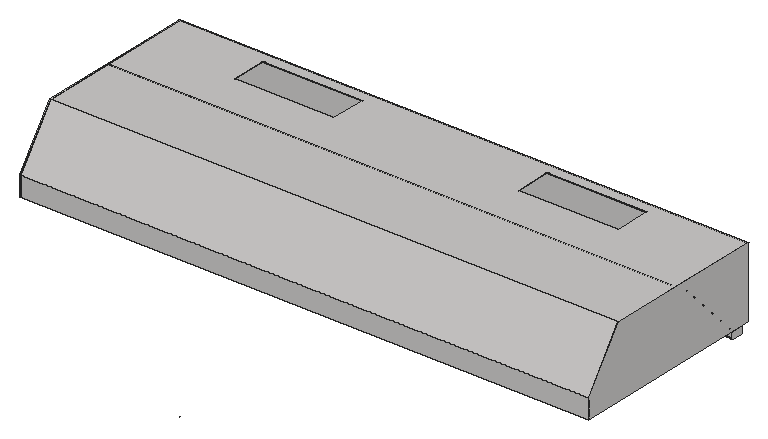
Revit family "QF_ELECTROLUXPROFESSIONAL_642164_BP1440BT", category Specialty Equipment, Revit 2014
Reference planes
  plane 1: z = 0
  plane 2 "Center (Left/Right)": x = 150
  plane 3 "LEFT": x = -1850
  plane 4 "RIGHT": x = 2150
  plane 5 "BACK": y = 550
  plane 6 "TOP": z = 2500
  plane 7 "Base": z = 2000
  plane 8: z = 1926
  plane 9 "DrainY": y = 485
  plane 10: x = -1847
  plane 11: through (0, 414.509, 2000.8) normal (0, 0.7314, 0.682)
  plane 12: y = 470
  plane 13: y = 220
  plane 14 "DrainX": x = 2032
  plane 15: x = -500
  plane 16: x = 800
  plane 17: x = -1200
  plane 18: x = 1500
  plane 19: x = 2147
  plane 20: x = 1942
  plane 21: x = 2122
  plane 22: x = -1810
  plane 23: x = -410
  plane 24: x = -10
  plane 25: x = 2110
  plane 26: x = 710
  plane 27: x = 310
  plane 28: z = 2140
  plane 29: y = -590
  plane 30 "Center (Front/Back)": y = -150
  plane 31 "Front": y = -850
Forms (mm)
  Extrusion 1, solid, material "QF_Finishes_Stainless Steel"
    sketch origin (-1850, 0, 360) x (0, 1, 0) y (0, 0, 1)
      loop
        line (550, 1640) -> (550, 2140) -> (-590, 2140) -> (-850, 1780) -> (-850, 1640) -> (550, 1640)
    from 0 to 3
  Extrusion 2, solid, material "QF_Finishes_Stainless Steel"
    sketch origin (150, 0, 360) x (0, 1, 0) y (0, 0, 1)
      loop
        line (415.255, 1640) -> (550, 1640) -> (550, 2139.19) -> (549.2, 2139.19) -> (549.2, 1640.8) -> (415.876, 1640.8) -> (339.347, 1722.867) -> (349.609, 1732.436) -> (348.927, 1733.167) -> (337.934, 1722.917) -> (415.255, 1640)
      loop
        line (-82.203, 2139.19) -> (-82.203, 2118.6) -> (-31.047, 2118.6) -> (34.354, 2048.466) -> (46.028, 2059.352) -> (45.346, 2060.083) -> (34.403, 2049.879) -> (-30.612, 2119.6) -> (-81.203, 2119.6) -> (-81.203, 2139.19) -> (-82.203, 2139.19)
    from -1997 to 1997
  Extrusion 3, solid, material "QF_Finishes_Stainless Steel"
    sketch origin (2150, 0, 360) x (0, 1, 0) y (0, 0, 1)
      loop
        line (550, 1640) -> (550, 2140) -> (-590, 2140) -> (-850, 1780) -> (-850, 1640) -> (550, 1640)
    from 0 to -3
  Extrusion 4, solid, material "QF_Finishes_Stainless Steel"
    sketch origin (150, 0, 360) x (0, 1, 0) y (0, 0, 1)
      loop
        line (550, 2139.19) -> (550, 2140) -> (-590, 2140) -> (-850, 1780) -> (-850, 1640) -> (-849.2, 1640) -> (-849.2, 1779.741) -> (-589.598, 2139.19) -> (550, 2139.19)
    from -2000 to 2000
  Extrusion 5, solid, material "QF_Finishes_Stainless Steel"
    sketch origin (150, 0, 360) x (0, 1, 0) y (0, 0, 1)
      loop
        line (534, 1640) -> (436, 1640) -> (436, 1627) -> (443.5, 1627) -> (443.5, 1576)
        arc (443.5, 1576) -> (446.429, 1568.929) -> (453.5, 1566) r 10
        line (453.5, 1566) -> (516.5, 1566)
        arc (516.5, 1566) -> (523.571, 1568.929) -> (526.5, 1576) r 10
        line (526.5, 1576) -> (526.5, 1627) -> (534, 1627) -> (534, 1640)
    from 1792 to 1972
  Extrusion 6, solid, material "QF_Finishes_Stainless Steel"
    sketch origin (0, 0, 2000) x (0, 1, 0) y (-1, 0, 0)
      loop
        circle (485, -2032) r 20
    from -76 to -74
  Extrusion 7, solid, material "QF_Finished_Chrome"
    sketch origin (150, 0, 360) x (0, 1, 0) y (0, 0, 1)
      loop
        line (337.934, 1722.917) -> (341.591, 1726.327) -> (38.011, 2051.876) -> (34.354, 2048.466) -> (337.934, 1722.917)
    from -560 to -1960
  Extrusion 8, solid, material "QF_Finished_Chrome"
    sketch origin (150, 0, 360) x (0, 1, 0) y (0, 0, 1)
      loop
        line (337.934, 1722.917) -> (341.591, 1726.327) -> (38.011, 2051.876) -> (34.354, 2048.466) -> (337.934, 1722.917)
    from 160 to -160
  Extrusion 9, solid, material "QF_Finishes_Stainless Steel"
    sketch origin (150, 0, 360) x (0, 1, 0) y (0, 0, 1)
      loop
        line (337.934, 1722.917) -> (341.591, 1726.327) -> (38.011, 2051.876) -> (34.354, 2048.466) -> (337.934, 1722.917)
    from 1997 to 1960
  Extrusion 10, solid, material "QF_Finishes_Stainless Steel"
    sketch origin (150, 0, 360) x (0, 1, 0) y (0, 0, 1)
      loop
        line (341.588, 1726.324) -> (38.009, 2051.874) -> (34.354, 2048.466) -> (337.934, 1722.917) -> (341.588, 1726.324)
    from -560 to -160
  Extrusion 11, solid, material "QF_Finished_Chrome"
    sketch origin (150, 0, 360) x (0, 1, 0) y (0, 0, 1)
      loop
        line (341.588, 1726.324) -> (38.009, 2051.874) -> (34.354, 2048.466) -> (337.934, 1722.917) -> (341.588, 1726.324)
    from 560 to 1960
  Extrusion 12, void
    sketch origin (0, 0, 2500) x (0, 1, 0) y (-1, 0, 0)
      loop
        line (470, 1200) -> (220, 1200) -> (220, 500) -> (470, 500) -> (470, 1200)
    from 0 to -10
  Extrusion 13, void
    sketch origin (940, 0, 2500) x (0, 1, 0) y (-1, 0, 0)
      loop
        line (470, 140) -> (220, 140) -> (220, -560) -> (470, -560) -> (470, 140)
    from 0 to -10
  Extrusion 14, solid, material "QF_Finishes_Stainless Steel"
    sketch origin (0, 0, 0) x (1, 0, 0) y (0, 1, 0)
      loop
        line (-1850, 550) -> (-1850, 549) -> (-1849, 549) -> (-1849, 550) -> (-1850, 550)
    from 0 to 1
  Extrusion 15, solid, material "QF_Finishes_Stainless Steel"
    sketch origin (150, 0, 360) x (0, 1, 0) y (0, 0, 1)
      loop
        line (337.934, 1722.917) -> (341.591, 1726.327) -> (38.011, 2051.876) -> (34.354, 2048.466) -> (337.934, 1722.917)
    from -1960 to -1997
  Extrusion 16, solid, material "QF_Finishes_Stainless Steel"
    sketch origin (150, 0, 360) x (0, 1, 0) y (0, 0, -1)
      loop
        line (341.588, -1726.324) -> (337.934, -1722.917) -> (34.354, -2048.466) -> (38.009, -2051.874) -> (341.588, -1726.324)
    from -560 to -160
Cuts and joins
  Extrusion 12, Extrusion 13 cuts Extrusion 4
  joined: Extrusion 2, Extrusion 4
Lines and regions (mm)
  symbolic lines, style "SpecialityEquipment", detail levels coarse
    curve 1: line (2150, 550, 2500) -> (-1850, 550, 2500)
    curve 2: line (-1850, 550, 2500) -> (-1850, -850, 2500)
    curve 3: line (2150, -850, 2500) -> (2150, 550, 2500)
    curve 4: line (-1200, 220, 2500) -> (-500, 220, 2500)
    curve 5: line (-1200, 470, 2500) -> (-1200, 220, 2500)
    curve 6: line (-500, 470, 2500) -> (-1200, 470, 2500)
    curve 7: line (-500, 220, 2500) -> (-500, 470, 2500)
    curve 8: line (800, 470, 2500) -> (800, 220, 2500)
    curve 9: line (800, 220, 2500) -> (1500, 220, 2500)
    curve 10: line (1500, 470, 2500) -> (800, 470, 2500)
    curve 11: line (1500, 220, 2500) -> (1500, 470, 2500)
    curve 12: line (-1850, -590, 0) -> (2150, -590, 0)
    curve 13: line (-1850, 550, 0) -> (2150, -590, 0)
    curve 14: line (2150, 550, 0) -> (-1850, -590, 0)
  symbolic lines, detail levels coarse
    curve 15: line (-1850, -850, 2500) -> (2150, -850, 2500)
Dimensions and locks
  plane 3 "LEFT" to plane 4 "RIGHT" = 4000 mm
  equal spacing: plane 3 "LEFT", plane 2 "Center (Left/Right)", plane 4 "RIGHT"
  locked: plane 6 "TOP" to plane 7 "Base" at 500
  plane 7 "Base" to plane 8 = 74 mm
  plane 5 "BACK" to plane 9 "DrainY" = 65 mm  (x2)
  plane 3 "LEFT" to plane 10 = 3 mm
  plane 5 "BACK" to plane 12 = 80 mm
  plane 12 to plane 13 = 250 mm  (x2)
  plane 14 "DrainX" to plane 4 "RIGHT" = 118 mm
  locked: plane 15 to plane 16 at 1300
  equal spacing: plane 15, plane 2 "Center (Left/Right)", plane 16
  plane 17 to plane 15 = 700 mm
  plane 16 to plane 18 = 700 mm
  plane 19 to plane 4 "RIGHT" = 3 mm
  locked: plane 20 to plane 14 "DrainX" at 90
  locked: plane 14 "DrainX" to plane 21 at 90
  plane 12 to plane 5 "BACK" = 80 mm
  locked: plane 3 "LEFT" to plane 22 at 40
  locked: plane 25 to plane 4 "RIGHT" at 40
  plane 28 to plane 7 "Base" = 140 mm
  locked: plane 7 "Base" to level at 2000
  plane 5 "BACK" to plane 31 "Front" = 1400 mm  (x2)
  equal spacing: plane 5 "BACK", plane 30 "Center (Front/Back)", plane 31 "Front"
  locked: plane 24 to plane 2 "Center (Left/Right)" at 160
  locked: plane 2 "Center (Left/Right)" to plane 27 at 160
  locked: plane 23 to plane 24 at 400
  locked: plane 27 to plane 26 at 400
  plane 22 to plane 23 = 1400 mm
  plane 26 to plane 25 = 1400 mm
  aligned and locked: level to plane 1
  aligned and locked: Extrusion 2 to Extrusion 1
  aligned and locked: Extrusion 2 to Extrusion 3
  aligned and locked: plane 4 "RIGHT" to Extrusion 4
  aligned and locked: Extrusion 4 to plane 3 "LEFT"
  aligned and locked: plane 19 to Extrusion 9
  aligned and locked: plane 17 to Extrusion 12
  aligned and locked: Extrusion 12 to plane 15
  aligned and locked: Extrusion 12 to plane 13
  aligned and locked: Extrusion 12 to plane 12
  aligned and locked: Extrusion 13 to plane 18
  aligned and locked: plane 16 to Extrusion 13
  aligned and locked: plane 21 to Extrusion 5
  aligned and locked: Extrusion 5 to plane 20
  aligned and locked: Extrusion 9 to plane 25
  aligned and locked: Extrusion 11 to plane 25
  aligned and locked: Extrusion 11 to plane 26
  aligned and locked: Extrusion 8 to plane 27
  aligned and locked: Extrusion 8 to plane 24
  aligned and locked: plane 24 to Extrusion 10
  aligned and locked: Extrusion 10 to plane 23
  aligned and locked: plane 23 to Extrusion 7
  aligned and locked: Extrusion 7 to plane 22
  aligned and locked: Extrusion 15 to plane 10
  aligned and locked: plane 22 to Extrusion 15
  aligned and locked: Extrusion 16 to plane 27
  aligned and locked: Extrusion 16 to plane 26
  aligned and locked: Extrusion 3 to plane 19
Automatic sketch dimensions
  Extrusion 2 sketch curve to plane 11 = 0 mm  (x3)
  Extrusion 2 sketch curve to plane 7 "Base" = 0 mm
  plane 11 to Extrusion 2 sketch curve = 0 mm
  Extrusion 2 sketch curve to plane 5 "BACK" = 0 mm
  Extrusion 2 sketch curve to Extrusion 2 sketch curve = 65.646 mm
  Extrusion 2 sketch curve to Extrusion 2 sketch curve = 0.682 mm  (x2)
  Extrusion 2 sketch curve to Extrusion 2 sketch curve = 10.261 mm
  plane 7 "Base" to Extrusion 2 sketch curve = 82.917 mm
  Extrusion 2 sketch curve to Extrusion 2 sketch curve = 10.942 mm
  Extrusion 2 sketch curve to Extrusion 2 sketch curve = 0.049 mm
  Extrusion 2 sketch curve to plane 6 "TOP" = 20.4 mm
  Extrusion 2 sketch curve to plane 6 "TOP" = 21.4 mm
  Extrusion 2 sketch curve to plane 6 "TOP" = 0.81 mm  (x2)
  Extrusion 2 sketch curve to Extrusion 2 sketch curve = 50.156 mm
  Extrusion 2 sketch curve to Extrusion 2 sketch curve = 1 mm
  plane 7 "Base" to Extrusion 2 sketch curve = 0.8 mm
  Extrusion 2 sketch curve to plane 5 "BACK" = 0.8 mm
  Extrusion 5 sketch curve to plane 7 "Base" = 0 mm
  Extrusion 5 sketch curve to plane 8 = 0 mm
  Extrusion 5 sketch curve to plane 7 "Base" = 13 mm  (x2)
  plane 12 to Extrusion 5 sketch curve = 34 mm
  Extrusion 5 sketch curve to Extrusion 5 sketch curve = 7.5 mm  (x2)
  Extrusion 5 sketch curve to Extrusion 5 sketch curve = 10 mm
  plane 9 "DrainY" to Extrusion 5 sketch curve = 31.5 mm
  Extrusion 5 sketch curve to plane 5 "BACK" = 23.5 mm
  Extrusion 6 sketch curve to plane 9 "DrainY" = 0 mm
  Extrusion 6 sketch curve to plane 14 "DrainX" = 0 mm
  Extrusion 7 sketch curve to plane 11 = 0 mm  (x2)
  Extrusion 7 sketch curve to Extrusion 7 sketch curve = 3.657 mm
  plane 7 "Base" to Extrusion 7 sketch curve = 82.917 mm
  Extrusion 8 sketch curve to plane 11 = 0 mm  (x2)
  Extrusion 8 sketch curve to Extrusion 8 sketch curve = 3.657 mm
  plane 7 "Base" to Extrusion 8 sketch curve = 82.917 mm
  Extrusion 9 sketch curve to plane 11 = 0 mm  (x2)
  Extrusion 9 sketch curve to Extrusion 9 sketch curve = 3.657 mm
  plane 7 "Base" to Extrusion 9 sketch curve = 82.917 mm
  Extrusion 10 sketch curve to plane 11 = 0 mm  (x2)
  Extrusion 10 sketch curve to Extrusion 10 sketch curve = 3.655 mm
  plane 7 "Base" to Extrusion 10 sketch curve = 82.917 mm
  Extrusion 11 sketch curve to plane 11 = 0 mm  (x2)
  Extrusion 11 sketch curve to Extrusion 11 sketch curve = 3.655 mm
  plane 7 "Base" to Extrusion 11 sketch curve = 82.917 mm
  Extrusion 12 sketch curve to plane 13 = 0 mm
  plane 12 to Extrusion 12 sketch curve = 0 mm
  Extrusion 12 sketch curve to plane 15 = 0 mm
  Extrusion 12 sketch curve to plane 17 = 0 mm
  Extrusion 13 sketch curve to plane 13 = 0 mm
  plane 12 to Extrusion 13 sketch curve = 0 mm
  Extrusion 13 sketch curve to plane 18 = 0 mm
  Extrusion 13 sketch curve to plane 16 = 0 mm
  Extrusion 14 sketch curve to plane 3 "LEFT" = 0 mm
  Extrusion 14 sketch curve to plane 5 "BACK" = 0 mm
  plane 3 "LEFT" to Extrusion 14 sketch curve = 1 mm
  Extrusion 14 sketch curve to plane 5 "BACK" = 1 mm
  Extrusion 15 sketch curve to plane 11 = 0 mm  (x2)
  Extrusion 15 sketch curve to Extrusion 15 sketch curve = 3.657 mm
  plane 7 "Base" to Extrusion 15 sketch curve = 82.917 mm
  Extrusion 16 sketch curve to plane 11 = 0 mm  (x2)
  Extrusion 16 sketch curve to Extrusion 16 sketch curve = 3.655 mm
  plane 7 "Base" to Extrusion 16 sketch curve = 82.917 mm
  Extrusion 4 sketch curve to plane 6 "TOP" = 0 mm
  Extrusion 4 sketch curve to plane 29 = 0 mm
  Extrusion 4 sketch curve to plane 5 "BACK" = 0 mm
  Extrusion 4 sketch curve to plane 7 "Base" = 0 mm
  Extrusion 4 sketch curve to plane 28 = 0 mm
  Extrusion 4 sketch curve to plane 28 = 0.259 mm
  Extrusion 4 sketch curve to Extrusion 4 sketch curve = 0.81 mm
  Extrusion 4 sketch curve to plane 29 = 0.402 mm
  Extrusion 1 sketch curve to plane 6 "TOP" = 0 mm
  Extrusion 1 sketch curve to plane 29 = 0 mm
  Extrusion 1 sketch curve to plane 5 "BACK" = 0 mm
  Extrusion 1 sketch curve to plane 7 "Base" = 0 mm
  Extrusion 1 sketch curve to plane 28 = 0 mm
  Extrusion 3 sketch curve to plane 6 "TOP" = 0 mm
  Extrusion 3 sketch curve to plane 29 = 0 mm
  Extrusion 3 sketch curve to plane 5 "BACK" = 0 mm
  Extrusion 3 sketch curve to plane 7 "Base" = 0 mm
  Extrusion 3 sketch curve to plane 28 = 0 mm
  curve 14 to plane 3 "LEFT" = 0 mm
  curve 13 to plane 3 "LEFT" = 0 mm
  curve 14 to plane 4 "RIGHT" = 0 mm
  curve 12 to plane 4 "RIGHT" = 0 mm
  plane 29 to curve 12 = 0 mm
  curve 14 to plane 5 "BACK" = 0 mm
  curve 13 to plane 5 "BACK" = 0 mm
  plane 29 to Extrusion 1 sketch curve = 260 mm
  plane 29 to Extrusion 3 sketch curve = 260 mm
  plane 29 to Extrusion 4 sketch curve = 259.2 mm
  Extrusion 4 sketch curve to Extrusion 4 sketch curve = 0.8 mm
  Extrusion 2 sketch curve to plane 6 "TOP" = 91.534 mm
  Extrusion 7 sketch curve to plane 6 "TOP" = 88.124 mm
  Extrusion 8 sketch curve to plane 6 "TOP" = 88.124 mm
  Extrusion 9 sketch curve to plane 6 "TOP" = 88.124 mm
  Extrusion 10 sketch curve to plane 6 "TOP" = 88.126 mm
  Extrusion 11 sketch curve to plane 6 "TOP" = 88.126 mm
  Extrusion 15 sketch curve to plane 6 "TOP" = 88.124 mm
  Extrusion 16 sketch curve to plane 6 "TOP" = 88.126 mm
  curve 15 to plane 3 "LEFT" = 0 mm
  curve 3 to plane 4 "RIGHT" = 0 mm
  curve 11 to plane 13 = 0 mm
  curve 4 to plane 13 = 0 mm
  plane 12 to curve 6 = 0 mm
  plane 12 to curve 8 = 0 mm
  curve 3 to plane 5 "BACK" = 0 mm
  curve 11 to plane 18 = 0 mm
  curve 10 to plane 16 = 0 mm
  curve 7 to plane 15 = 0 mm
  curve 6 to plane 17 = 0 mm
  curve 15 to plane 31 "Front" = 0 mm
  radius of Extrusion 6 sketch curve = 20 mm
Connectors
  piping at (2032, 485, 1924), diameter 20
    settings: on Extrusion 6, index 1, connector inside diameter 609.6 mm, connector length 0 mm, flow factor 0, pipe flow 0.0 L/s, pressure drop 0.0 Pa, fitting loss kfactor 0, connector angle 0.00°, fixture units 0, engagement length 0 mm, angle of deflection 0.00°, flow configuration 1, flow direction 2, fitting loss method 0, system type 16, joint type 0, gender type 0, connector reference index -1, connector utility 0, adjustable connector no, is connector primary yes, connector description "Drain"
  hvac at (-850, 345, 2500)
    settings: on Extrusion 12, index 2, duct flow 0.0 L/s, flow factor 0, pres drop 0.0 Pa, loss coef 0, conn angle 0.00°, conn width 250 mm, conn height 700 mm, conn diameter 609.6 mm, duct sys type 3, conn prof type 1, flow config 1, flow direction 0, loss method 0, conn ref index -1, conn util no, is conn primary yes, conn desc "EXHAUST OUTLET"
  hvac at (1150, 345, 2500)
    settings: on Extrusion 13, index 3, duct flow 0.0 L/s, flow factor 0, pres drop 0.0 Pa, loss coef 0, conn angle 0.00°, conn width 250 mm, conn height 700 mm, conn diameter 609.6 mm, duct sys type 3, conn prof type 1, flow config 1, flow direction 0, loss method 0, conn ref index -1, conn util no, is conn primary no, conn desc "EXHAUST OUTLET"
